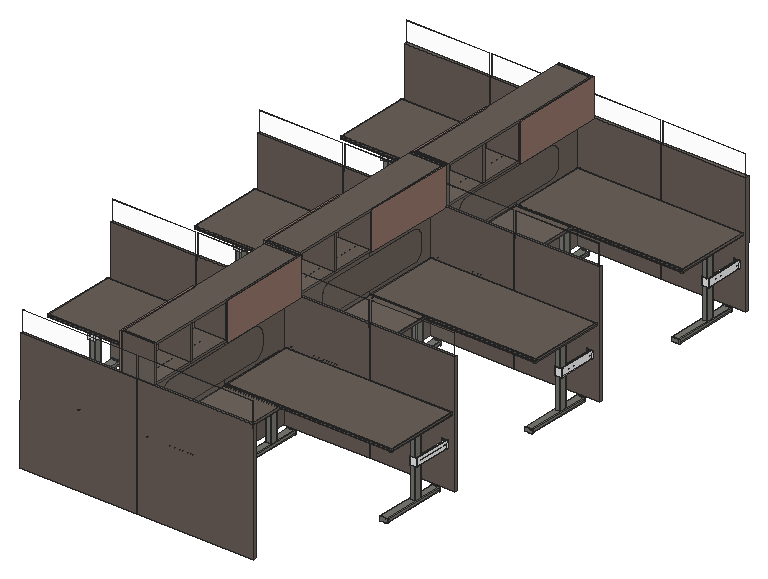
Revit family "OFS TYPICAL T200051", category Furniture, Revit 2018 (continued)
Definition of nested family "STAKS WORKSURFACE HEIGHT PEDESTAL - BOX-BOX-FILE - NO RISER SUPPORT"
  Forms (in)
    Extrusion 6, solid, material <- "Drawer Handle Material"
      sketch origin (9, 0, 20.67137) x (1, 0, 0) y (0, 1, 0)
        loop
          line (9.25836, 0.62535) -> (9.25836, -0.37465) -> (14.69586, -0.37465) -> (14.69586, 0.62535) -> (14.32086, 0.62535) -> (14.32086, -0.18715) -> (9.63336, -0.18715) -> (9.63336, 0.62535) -> (9.25836, 0.62535)
      from -0.64037 to -0.17137
    Extrusion 7, solid, material <- "Chasis Material"
      sketch origin (0, 0, 0) x (1, 0, 0) y (0, 1, 0)
        loop
          line (28.78961, 20.00035) -> (28.03961, 20.00035) -> (28.03961, 1.37535) -> (28.78961, 1.37535) -> (28.78961, 20.00035)
      from 0 to 27.875
    Extrusion 8, solid, material <- "Drawer Material"
      sketch origin (20.35211, 2.25, 0.06985) x (0, 1, 0) y (0, 0, 1)
        loop
          line (-1.62465, 27.80515) -> (-1.62465, 20.80515) -> (-0.87465, 20.80515) -> (-0.87465, 27.80515) -> (-1.62465, 27.80515)
      from -7.125 to 8.3745
    Extrusion 9, solid, material <- "Drawer Handle Material"
      sketch origin (9, 0, 28.42137) x (1, 0, 0) y (0, 1, 0)
        loop
          line (9.25836, 0.62535) -> (9.25836, -0.37465) -> (14.69586, -0.37465) -> (14.69586, 0.62535) -> (14.32086, 0.62535) -> (14.32086, -0.18715) -> (9.63336, -0.18715) -> (9.63336, 0.62535) -> (9.25836, 0.62535)
      from -1.26512 to -0.79637
    Extrusion 10, solid, material <- "Chasis Material"
      sketch origin (-29.79592, -1.62465, 7.24693) x (1, 0, 0) y (0, 0, 1)
        loop
          line (43.71054, 19.90932) -> (57.83554, 19.90932) -> (57.83554, 20.62807) -> (43.71054, 20.62807) -> (43.71054, 19.90932)
      from -18.375 to -14.375
    Extrusion 11, solid, material <- "Chasis Material"
      sketch origin (-29.79592, -7.12465, 7.24693) x (1, 0, 0) y (0, 0, 1)
        loop
          line (43.71054, 19.90932) -> (57.83554, 19.90932) -> (57.83554, 20.62807) -> (43.71054, 20.62807) -> (43.71054, 19.90932)
      from -15.5 to -11.5
    Extrusion 12, solid, material <- "Chasis Material"
      sketch origin (-31.5409, -1.62465, -42.72261) x (1, 0, 0) y (0, 0, 1)
        loop
          line (45.45551, 42.72261) -> (59.58051, 42.72261) -> (59.58051, 43.47261) -> (45.45551, 43.47261) -> (45.45551, 42.72261)
      from -20.875 to -3
    Extrusion 13, solid
      sketch origin (0, 0, 0) x (1, 0, 0) y (0, 1, 0)
        loop
          line (28.72661, 20.00035) -> (28.03961, 20.00035) -> (28.03961, 13.37535) -> (13.91461, 13.37535) -> (13.91461, 20.00035) -> (13.22711, 20.00035) -> (13.22711, 0.62535) -> (13.91461, 0.62535) -> (13.91461, 4.37535) -> (28.03961, 4.37535) -> (28.03961, 0.62535) -> (28.72661, 0.62535) -> (28.72661, 20.00035)
        loop
          line (28.03961, 5.00035) -> (28.03961, 12.75035) -> (13.91461, 12.75035) -> (13.91461, 5.00035) -> (28.03961, 5.00035)
      from 27.875 to 28
  Dimensions and locks (in)
    "Board Thickness": plane 13 to plane 12
    locked: plane 11 to plane 14 at 0.0625
    "Board Thickness": plane 11 to plane 16
    locked: plane 15 to plane 18 at 0.063
    "Width": plane 11 to plane 18
    Extrusion 7 sketch curve to plane 18 = 3/4"
    "Board Thickness": plane 19 to plane 18
    equal spacing: plane 11, plane 2 "Right", plane 18
    locked: plane 20 to plane 21 at 0.375
    locked: plane 23 to plane 22 at 0.375
    equal spacing: plane 20, plane 2 "Right", plane 22
    "Drawer Handle Width": plane 20 to plane 22
    plane 25 to plane 24 to plane 13 = 3/16" locked, 13/16" locked
    "Riser Support": plane 6 to level
    "Height": plane 3 to plane 6
    "DH1": plane 4 to plane 6
    "DH2": plane 26 to plane 4
    locked: plane 30 to plane 6 at 0.25
    "Board Thickness": plane 31 to plane 17
    "Depth": plane 13 to plane 17
    plane 4 to plane 5 to plane 7 to plane 9 = 1/8" locked, 1/4" locked, 0.469" locked
    plane 26 to plane 27 to plane 28 to plane 29 = 1/8" locked, 1/4" locked, 0.469" locked
    plane 3 to plane 8 to plane 10 = 1/4" locked, 15/32" locked
    "Board Thickness": plane 32 to plane 6
    plane 12 to plane 34 to plane 35 = 3" locked, 4" locked
    plane 36 to plane 33 to plane 31 = 4" locked, 2 1/2" locked
    locked: plane 34 to plane 37 at 0.625
    locked: plane 36 to plane 38 at 0.625
    locked: plane 39 to plane 3 at 0.125
    aligned and locked: level to plane 1
    aligned and locked: Extrusion 1 to plane 14
    aligned and locked: plane 15 to Extrusion 1
    aligned and locked: Extrusion 2 to plane 12
    aligned and locked: plane 13 to Extrusion 2
    aligned and locked: plane 15 to Extrusion 2
    aligned and locked: Extrusion 2 to plane 14
    aligned and locked: plane 12 to Extrusion 3
    aligned and locked: Extrusion 3 to plane 17
    aligned and locked: Extrusion 4 to plane 16
    aligned and locked: plane 16 to Extrusion 3
    aligned and locked: Extrusion 3 to plane 11
    aligned and locked: Extrusion 4 to plane 17
    aligned and locked: Extrusion 1 sketch curve to plane 12
    aligned and locked: plane 13 to Extrusion 1 sketch curve
    aligned and locked: plane 19 to Extrusion 4
    aligned and locked: plane 3 to Extrusion 3
    aligned and locked: Extrusion 6 to plane 22
    aligned and locked: Extrusion 5 to plane 22
    aligned and locked: plane 23 to Extrusion 6
    aligned and locked: plane 23 to Extrusion 5
    aligned and locked: plane 21 to Extrusion 6
    aligned and locked: plane 21 to Extrusion 5
    aligned and locked: Extrusion 6 to plane 20
    aligned and locked: Extrusion 5 to plane 20
    aligned and locked: plane 24 to Extrusion 6
    aligned and locked: plane 7 to Extrusion 5
    aligned and locked: Extrusion 5 to plane 9
    aligned and locked: plane 3 to Extrusion 4
    aligned and locked: plane 27 to Extrusion 2
    aligned and locked: Extrusion 6 to plane 29
    aligned and locked: plane 28 to Extrusion 6
    aligned and locked: Extrusion 1 to plane 30
    aligned and locked: Extrusion 8 to plane 26
    aligned and locked: plane 3 to Extrusion 8
    aligned and locked: Extrusion 9 to plane 10
    aligned and locked: plane 8 to Extrusion 9
    aligned and locked: Extrusion 7 to plane 19
    aligned and locked: Extrusion 8 to plane 14
    aligned and locked: plane 15 to Extrusion 8
    aligned and locked: plane 3 to Extrusion 7
    aligned and locked: Extrusion 7 to plane 6
    aligned and locked: plane 3 to Extrusion 10
    aligned and locked: Extrusion 10 to plane 10
    aligned and locked: plane 19 to Extrusion 10
    aligned and locked: Extrusion 10 to plane 16
    aligned and locked: Extrusion 10 to plane 33
    aligned and locked: plane 36 to Extrusion 10
    aligned and locked: plane 34 to Extrusion 11
    aligned and locked: Extrusion 11 to plane 35
    aligned and locked: plane 3 to Extrusion 11
    aligned and locked: Extrusion 11 to plane 10
    aligned and locked: plane 32 to Extrusion 12
    aligned and locked: Extrusion 12 to plane 6
    aligned and locked: Extrusion 12 to plane 31
    aligned and locked: plane 12 to Extrusion 12
    aligned and locked: plane 19 to Extrusion 12
    aligned and locked: Extrusion 12 to plane 16
    aligned and locked: Extrusion 13 to plane 3
    aligned and locked: plane 39 to Extrusion 13
  Automatic sketch dimensions
    Extrusion 1 sketch curve to plane 30 = 0"
    Extrusion 1 sketch curve to plane 5 = 0"
    Extrusion 2 sketch curve to plane 13 = 0"
    Extrusion 2 sketch curve to plane 4 = 0"
    Extrusion 2 sketch curve to plane 12 = 0"
    Extrusion 2 sketch curve to plane 27 = 0"
    Extrusion 3 sketch curve to plane 6 = 0"
    Extrusion 3 sketch curve to plane 11 = 0"
    Extrusion 3 sketch curve to plane 3 = 0"
    Extrusion 3 sketch curve to plane 16 = 0"
    Extrusion 4 sketch curve to plane 6 = 0"
    Extrusion 4 sketch curve to plane 3 = 0"
    Extrusion 4 sketch curve to plane 17 = 0"
    plane 31 to Extrusion 4 sketch curve = 0"
    plane 13 to Extrusion 5 sketch curve = 0"  (x2)
    Extrusion 5 sketch curve to plane 20 = 0"
    Extrusion 5 sketch curve to plane 21 = 0"
    Extrusion 5 sketch curve to plane 23 = 0"
    Extrusion 5 sketch curve to plane 22 = 0"
    plane 25 to Extrusion 5 sketch curve = 0"
    plane 24 to Extrusion 5 sketch curve = 0"
    plane 13 to Extrusion 6 sketch curve = 0"  (x2)
    Extrusion 6 sketch curve to plane 20 = 0"
    Extrusion 6 sketch curve to plane 21 = 0"
    Extrusion 6 sketch curve to plane 23 = 0"
    Extrusion 6 sketch curve to plane 22 = 0"
    plane 25 to Extrusion 6 sketch curve = 0"
    plane 24 to Extrusion 6 sketch curve = 0"
    plane 12 to Extrusion 7 sketch curve = 0"
    Extrusion 7 sketch curve to plane 18 = 0"
    plane 17 to Extrusion 7 sketch curve = 0"
    Extrusion 8 sketch curve to plane 3 = 0"
    Extrusion 8 sketch curve to plane 13 = 0"
    Extrusion 8 sketch curve to plane 12 = 0"
    Extrusion 8 sketch curve to plane 26 = 0"
    plane 13 to Extrusion 9 sketch curve = 0"  (x2)
    Extrusion 9 sketch curve to plane 20 = 0"
    Extrusion 9 sketch curve to plane 21 = 0"
    Extrusion 9 sketch curve to plane 23 = 0"
    Extrusion 9 sketch curve to plane 22 = 0"
    plane 25 to Extrusion 9 sketch curve = 0"
    plane 24 to Extrusion 9 sketch curve = 0"
    Extrusion 10 sketch curve to plane 10 = 0"
    Extrusion 10 sketch curve to plane 16 = 0"
    Extrusion 10 sketch curve to plane 3 = 0"
    Extrusion 10 sketch curve to plane 19 = 0"
    Extrusion 11 sketch curve to plane 10 = 0"
    Extrusion 11 sketch curve to plane 16 = 0"
    Extrusion 11 sketch curve to plane 3 = 0"
    Extrusion 11 sketch curve to plane 19 = 0"
    plane 14 to Extrusion 12 sketch curve = 11/16"
    Extrusion 12 sketch curve to plane 6 = 0"
    plane 6 to Extrusion 12 sketch curve = 3/4"
    Extrusion 12 sketch curve to plane 19 = 0"
    Extrusion 13 sketch curve to plane 14 = 0"
    Extrusion 13 sketch curve to plane 19 = 0"  (x2)
    Extrusion 13 sketch curve to plane 15 = 0"
    plane 13 to Extrusion 13 sketch curve = 0"  (x2)
    Extrusion 13 sketch curve to plane 34 = 0"
    Extrusion 13 sketch curve to plane 37 = 0"
    Extrusion 13 sketch curve to plane 38 = 0"
    Extrusion 13 sketch curve to plane 36 = 0"
    Extrusion 13 sketch curve to Extrusion 13 sketch curve = 0"  (x2)
    Extrusion 13 sketch curve to plane 16 = 0"  (x2)
    plane 17 to Extrusion 13 sketch curve = 0"  (x2)
Definition of nested family "STAKS SPINE OR DIVIDER WALL 48in"
  Parameters (values of type "STAKS SPINE OR DIVIDER WALL 48in X 24in")
    URL = "http://www.ofs.com/"
    Height Above Floor [instance] = 48"
    Height = 48"
    Depth = 1"
    Model = "6-PAN-48/24"
    Manufacturer = "OFS"
    Description = "OFS STAKS SPINE OR DIVIDER WALL 48\" Height x 24\" Width, Levelers allow 2.5\" Height Adjustability for Uneven Floor"
    Width = 24"
    Copyright © = "© 2018 OFS"
    Catalog = "https://ofs.com/products/casegoods/private-office/staks"
    Authoring Version = "Autodesk Revit Architecture 2013"
    Assembly Code = "E2020200"
  Types (19): name | Model | Description | Width
    STAKS SPINE OR DIVIDER WALL 48in X 24in | "6-PAN-48/24" | "OFS STAKS SPINE OR DIVIDER WALL 48\" Height x 24\" Width, Levelers allow 2.5\" Height Adjustability for Uneven Floor" | 24"
    STAKS SPINE OR DIVIDER WALL 48in X 33in | "6-PAN-48/33" | "OFS STAKS SPINE OR DIVIDER WALL 48\" Height x 33\" Width, Levelers allow 2.5\" Height Adjustability for Uneven Floor" | 33"
    STAKS SPINE OR DIVIDER WALL 48in X 26in | "6-PAN-48/26" | "OFS STAKS SPINE OR DIVIDER WALL 48\" Height x 26\" Width, Levelers allow 2.5\" Height Adjustability for Uneven Floor" | 26"
    STAKS SPINE OR DIVIDER WALL 48in X 30in | "6-PAN-48/30" | "OFS STAKS SPINE OR DIVIDER WALL 48\" Height x 30\" Width, Levelers allow 2.5\" Height Adjustability for Uneven Floor" | 30"
    STAKS SPINE OR DIVIDER WALL 48in X 36in | "6-PAN-48/36" | "OFS STAKS SPINE OR DIVIDER WALL 48\" Height x 36\" Width, Levelers allow 2.5\" Height Adjustability for Uneven Floor" | 36"
    STAKS SPINE OR DIVIDER WALL 48in X 37in | "6-PAN-48/37" | "OFS STAKS SPINE OR DIVIDER WALL 48\" Height x 37\" Width, Levelers allow 2.5\" Height Adjustability for Uneven Floor" | 37"
    STAKS SPINE OR DIVIDER WALL 48in X 39in | "6-PAN-48/39" | "OFS STAKS SPINE OR DIVIDER WALL 48\" Height x 39\" Width, Levelers allow 2.5\" Height Adjustability for Uneven Floor" | 39"
    STAKS SPINE OR DIVIDER WALL 48in X 40in | "6-PAN-48/40" | "OFS STAKS SPINE OR DIVIDER WALL 48\" Height x 40\" Width, Levelers allow 2.5\" Height Adjustability for Uneven Floor" | 40"
    STAKS SPINE OR DIVIDER WALL 48in X 42in | "6-PAN-48/42" | "OFS STAKS SPINE OR DIVIDER WALL 48\" Height x 42\" Width, Levelers allow 2.5\" Height Adjustability for Uneven Floor" | 42"
    STAKS SPINE OR DIVIDER WALL 48in X 44in | "6-PAN-48/44" | "OFS STAKS SPINE OR DIVIDER WALL 48\" Height x 44\" Width, Levelers allow 2.5\" Height Adjustability for Uneven Floor" | 44"
    STAKS SPINE OR DIVIDER WALL 48in X 45in | "6-PAN-48/45" | "OFS STAKS SPINE OR DIVIDER WALL 48\" Height x 45\" Width, Levelers allow 2.5\" Height Adjustability for Uneven Floor" | 45"
    STAKS SPINE OR DIVIDER WALL 48in X 47in | "6-PAN-48/47" | "OFS STAKS SPINE OR DIVIDER WALL 48\" Height x 47\" Width, Levelers allow 2.5\" Height Adjustability for Uneven Floor" | 47"
    STAKS SPINE OR DIVIDER WALL 48in X 48in | "6-PAN-48/48" | "OFS STAKS SPINE OR DIVIDER WALL 48\" Height x 48\" Width, Levelers allow 2.5\" Height Adjustability for Uneven Floor" | 48"
    STAKS SPINE OR DIVIDER WALL 48in X 49in | "6-PAN-48/49" | "OFS STAKS SPINE OR DIVIDER WALL 48\" Height x 49\" Width, Levelers allow 2.5\" Height Adjustability for Uneven Floor" | 49"
    STAKS SPINE OR DIVIDER WALL 48in X 52in | "6-PAN-48/52" | "OFS STAKS SPINE OR DIVIDER WALL 48\" Height x 52\" Width, Levelers allow 2.5\" Height Adjustability for Uneven Floor" | 52"
    STAKS SPINE OR DIVIDER WALL 48in X 54in | "6-PAN-48/54" | "OFS STAKS SPINE OR DIVIDER WALL 48\" Height x 54\" Width, Levelers allow 2.5\" Height Adjustability for Uneven Floor" | 54"
    STAKS SPINE OR DIVIDER WALL 48in X 56in | "6-PAN-48/56" | "OFS STAKS SPINE OR DIVIDER WALL 48\" Height x 56\" Width, Levelers allow 2.5\" Height Adjustability for Uneven Floor" | 56"
    STAKS SPINE OR DIVIDER WALL 48in X 58in | "6-PAN-48/58" | "OFS STAKS SPINE OR DIVIDER WALL 48\" Height x 58\" Width, Levelers allow 2.5\" Height Adjustability for Uneven Floor" | 58"
    STAKS SPINE OR DIVIDER WALL 48in X 59in | "6-PAN-48/59" | "OFS STAKS SPINE OR DIVIDER WALL 48\" Height x 59\" Width, Levelers allow 2.5\" Height Adjustability for Uneven Floor" | 59"
  Reference planes (in)
    plane 1: z = -0.125
    plane 2 "LEFT": x = 7.55498
    plane 3 "RIGHT": x = 31.55498
    plane 4 "BACK": y = -1.83365
    plane 5 "FRONT": y = -2.83365
    plane 6: x = 7.67998
    plane 7: x = 31.42998
    plane 8: y = -1.95865
    plane 9: y = -2.70865
    plane 10: z = -0.125
    plane 11 "SURFACE TOP": z = 47.875
  Forms (in)
    Extrusion 1, solid
      sketch origin (0, 0, 17.125) x (-1, 0, 0) y (0, -1, 0)
        loop
          line (-7.55498, 1.83365) -> (-7.55498, 2.83365) -> (-31.55498, 2.83365) -> (-31.55498, 1.83365) -> (-7.55498, 1.83365)
      from 30.75 to -17.25
  Lines and regions (in)
    symbolic lines
      curve 1: line (7.55498, -1.83365, 47.875) -> (31.55498, -1.83365, 47.875)
      curve 2: line (7.55498, -2.83365, 47.875) -> (7.55498, -1.83365, 47.875)
      curve 3: line (31.55498, -2.83365, 47.875) -> (7.55498, -2.83365, 47.875)
      curve 4: line (31.55498, -1.83365, 47.875) -> (31.55498, -2.83365, 47.875)
  Dimensions and locks (in)
    "Depth": plane 4 "BACK" to plane 5 "FRONT"
    "Width": plane 2 "LEFT" to plane 3 "RIGHT"
    "Height": plane 11 "SURFACE TOP" to plane 10
    locked: plane 4 "BACK" to plane 8 at 0.125
    locked: plane 2 "LEFT" to plane 6 at 0.125
    locked: plane 7 to plane 3 "RIGHT" at 0.125
    locked: plane 9 to plane 5 "FRONT" at 0.125
    "Height Above Floor": plane 11 "SURFACE TOP" to level
    aligned: level to plane 1
    aligned and locked: plane 11 "SURFACE TOP" to Extrusion 1
    aligned and locked: Extrusion 1 to plane 10
    aligned and locked: plane 4 "BACK" to Extrusion 1 sketch curve
    aligned and locked: Extrusion 1 sketch curve to plane 2 "LEFT"
    aligned and locked: Extrusion 1 sketch curve to plane 5 "FRONT"
    aligned and locked: plane 3 "RIGHT" to Extrusion 1 sketch curve
    aligned and locked: curve 1 to Extrusion 1
    aligned and locked: curve 2 to Extrusion 1
    aligned and locked: curve 3 to Extrusion 1
    aligned and locked: curve 4 to Extrusion 1
Definition of nested family "STAKS FROSTED ACRYLIC PRIVACY PANEL"
  Parameters (values of type "STAKS FROSTED ACRYLIC PRIVACY PANEL 33 x 10")
    Width = 33"
    URL = "http://www.ofs.com/"
    Model = "6-PVPA-33/10"
    Manufacturer = "OFS"
    Height From Floor = 56"
    Height = 10"
    Description = "OFS STAKS FROSTED ACRYLIC PRIVACY PANEL 33 x 10, Recessed 1.5\" Inside Wall Panel"
    Depth = 1/4"
    Copyright © = "© 2018 OFS"
    Catalog = "https://ofs.com/products/casegoods/private-office/staks"
    Shelf Material = none
    Authoring Version = "Autodesk Revit Architecture 2013"
    Assembly Code = "E2020200"
  Types (39): name | Width | Model | Height From Floor | Height | Description
    STAKS FROSTED ACRYLIC PRIVACY PANEL 23 x 10 | 23" | "6-PVPA-23/10" | 56" | 10" | "OFS STAKS FROSTED ACRYLIC PRIVACY PANEL 23 x 10, Recessed 1.5\" Inside Wall Panel"
    STAKS FROSTED ACRYLIC PRIVACY PANEL 25 x 10 | 25" | "6-PVPA-25/10" | 56" | 10" | "OFS STAKS FROSTED ACRYLIC PRIVACY PANEL 25 x 10, Recessed 1.5\" Inside Wall Panel"
    STAKS FROSTED ACRYLIC PRIVACY PANEL 29 x 10 | 29" | "6-PVPA-29/10" | 56" | 10" | "OFS STAKS FROSTED ACRYLIC PRIVACY PANEL 29 x 10, Recessed 1.5\" Inside Wall Panel"
    STAKS FROSTED ACRYLIC PRIVACY PANEL 32 x 10 | 32" | "6-PVPA-32/10" | 56" | 10" | "OFS STAKS FROSTED ACRYLIC PRIVACY PANEL 32 x 10, Recessed 1.5\" Inside Wall Panel"
    STAKS FROSTED ACRYLIC PRIVACY PANEL 35 x 10 | 35" | "6-PVPA-35/10" | 56" | 10" | "OFS STAKS FROSTED ACRYLIC PRIVACY PANEL 35 x 10, Recessed 1.5\" Inside Wall Panel"
    STAKS FROSTED ACRYLIC PRIVACY PANEL 36 x 10 | 36" | "6-PVPA-36/10" | 56" | 10" | "OFS STAKS FROSTED ACRYLIC PRIVACY PANEL 36 x 10, Recessed 1.5\" Inside Wall Panel"
    STAKS FROSTED ACRYLIC PRIVACY PANEL 38 x 10 | 38" | "6-PVPA-38/10" | 56" | 10" | "OFS STAKS FROSTED ACRYLIC PRIVACY PANEL 38 x 10, Recessed 1.5\" Inside Wall Panel"
    STAKS FROSTED ACRYLIC PRIVACY PANEL 39 x 10 | 39" | "6-PVPA-39/10" | 56" | 10" | "OFS STAKS FROSTED ACRYLIC PRIVACY PANEL 39 x 10, Recessed 1.5\" Inside Wall Panel"
    STAKS FROSTED ACRYLIC PRIVACY PANEL 41 x 10 | 41" | "6-PVPA-41/10" | 56" | 10" | "OFS STAKS FROSTED ACRYLIC PRIVACY PANEL 41 x 10, Recessed 1.5\" Inside Wall Panel"
    STAKS FROSTED ACRYLIC PRIVACY PANEL 43 x 10 | 43" | "6-PVPA-43/10" | 56" | 10" | "OFS STAKS FROSTED ACRYLIC PRIVACY PANEL 43 x 10, Recessed 1.5\" Inside Wall Panel"
    STAKS FROSTED ACRYLIC PRIVACY PANEL 44 x 10 | 44" | "6-PVPA-44/10" | 56" | 10" | "OFS STAKS FROSTED ACRYLIC PRIVACY PANEL 44 x 10, Recessed 1.5\" Inside Wall Panel"
    STAKS FROSTED ACRYLIC PRIVACY PANEL 46 x 10 | 46" | "6-PVPA-46/10" | 56" | 10" | "OFS STAKS FROSTED ACRYLIC PRIVACY PANEL 46 x 10, Recessed 1.5\" Inside Wall Panel"
    STAKS FROSTED ACRYLIC PRIVACY PANEL 47 x 10 | 47" | "6-PVPA-47/10" | 56" | 10" | "OFS STAKS FROSTED ACRYLIC PRIVACY PANEL 47 x 10, Recessed 1.5\" Inside Wall Panel"
    STAKS FROSTED ACRYLIC PRIVACY PANEL 48 x 10 | 48" | "6-PVPA-48/10" | 56" | 10" | "OFS STAKS FROSTED ACRYLIC PRIVACY PANEL 48 x 10, Recessed 1.5\" Inside Wall Panel"
    STAKS FROSTED ACRYLIC PRIVACY PANEL 51 x 10 | 51" | "6-PVPA-51/10" | 56" | 10" | "OFS STAKS FROSTED ACRYLIC PRIVACY PANEL 51 x 10, Recessed 1.5\" Inside Wall Panel"
    STAKS FROSTED ACRYLIC PRIVACY PANEL 53 x 10 | 53" | "6-PVPA-53/10" | 56" | 10" | "OFS STAKS FROSTED ACRYLIC PRIVACY PANEL 53 x 10, Recessed 1.5\" Inside Wall Panel"
    STAKS FROSTED ACRYLIC PRIVACY PANEL 55 x 10 | 55" | "6-PVPA-55/10" | 56" | 10" | "OFS STAKS FROSTED ACRYLIC PRIVACY PANEL 55 x 10, Recessed 1.5\" Inside Wall Panel"
    STAKS FROSTED ACRYLIC PRIVACY PANEL 57 x 10 | 57" | "6-PVPA-57/10" | 56" | 10" | "OFS STAKS FROSTED ACRYLIC PRIVACY PANEL 57 x 10, Recessed 1.5\" Inside Wall Panel"
    STAKS FROSTED ACRYLIC PRIVACY PANEL 58 x 10 | 58" | "6-PVPA-58/10" | 56" | 10" | "OFS STAKS FROSTED ACRYLIC PRIVACY PANEL 58 x 10, Recessed 1.5\" Inside Wall Panel"
    STAKS FROSTED ACRYLIC PRIVACY PANEL 23 x 13 | 23" | "6-PVPA-23/13" | 59" | 13" | "OFS STAKS FROSTED ACRYLIC PRIVACY PANEL 23 x 13, Recessed 1.5\" Inside Wall Panel"
    STAKS FROSTED ACRYLIC PRIVACY PANEL 25 x 13 | 25" | "6-PVPA-25/13" | 59" | 13" | "OFS STAKS FROSTED ACRYLIC PRIVACY PANEL 25 x 13, Recessed 1.5\" Inside Wall Panel"
    STAKS FROSTED ACRYLIC PRIVACY PANEL 29 x 13 | 29" | "6-PVPA-29/13" | 59" | 13" | "OFS STAKS FROSTED ACRYLIC PRIVACY PANEL 29 x 13, Recessed 1.5\" Inside Wall Panel"
    STAKS FROSTED ACRYLIC PRIVACY PANEL 32 x 13 | 32" | "6-PVPA-32/13" | 59" | 13" | "OFS STAKS FROSTED ACRYLIC PRIVACY PANEL 32 x 13, Recessed 1.5\" Inside Wall Panel"
    STAKS FROSTED ACRYLIC PRIVACY PANEL 35 x 13 | 35" | "6-PVPA-35/13" | 59" | 13" | "OFS STAKS FROSTED ACRYLIC PRIVACY PANEL 35 x 13, Recessed 1.5\" Inside Wall Panel"
    STAKS FROSTED ACRYLIC PRIVACY PANEL 36 x 13 | 36" | "6-PVPA-36/13" | 59" | 13" | "OFS STAKS FROSTED ACRYLIC PRIVACY PANEL 36 x 13, Recessed 1.5\" Inside Wall Panel"
    STAKS FROSTED ACRYLIC PRIVACY PANEL 38 x 13 | 38" | "6-PVPA-38/13" | 59" | 13" | "OFS STAKS FROSTED ACRYLIC PRIVACY PANEL 38 x 13, Recessed 1.5\" Inside Wall Panel"
    STAKS FROSTED ACRYLIC PRIVACY PANEL 39 x 13 | 39" | "6-PVPA-39/13" | 59" | 13" | "OFS STAKS FROSTED ACRYLIC PRIVACY PANEL 39 x 13, Recessed 1.5\" Inside Wall Panel"
    STAKS FROSTED ACRYLIC PRIVACY PANEL 41 x 13 | 41" | "6-PVPA-41/13" | 59" | 13" | "OFS STAKS FROSTED ACRYLIC PRIVACY PANEL 41 x 13, Recessed 1.5\" Inside Wall Panel"
    STAKS FROSTED ACRYLIC PRIVACY PANEL 43 x 13 | 43" | "6-PVPA-43/13" | 59" | 13" | "OFS STAKS FROSTED ACRYLIC PRIVACY PANEL 43 x 13, Recessed 1.5\" Inside Wall Panel"
    STAKS FROSTED ACRYLIC PRIVACY PANEL 44 x 13 | 44" | "6-PVPA-44/13" | 59" | 13" | "OFS STAKS FROSTED ACRYLIC PRIVACY PANEL 44 x 13, Recessed 1.5\" Inside Wall Panel"
    STAKS FROSTED ACRYLIC PRIVACY PANEL 46 x 13 | 46" | "6-PVPA-46/13" | 59" | 13" | "OFS STAKS FROSTED ACRYLIC PRIVACY PANEL 46 x 13, Recessed 1.5\" Inside Wall Panel"
    STAKS FROSTED ACRYLIC PRIVACY PANEL 47 x 13 | 47" | "6-PVPA-47/13" | 59" | 13" | "OFS STAKS FROSTED ACRYLIC PRIVACY PANEL 47 x 13, Recessed 1.5\" Inside Wall Panel"
    STAKS FROSTED ACRYLIC PRIVACY PANEL 48 x 13 | 48" | "6-PVPA-48/13" | 59" | 13" | "OFS STAKS FROSTED ACRYLIC PRIVACY PANEL 48 x 13, Recessed 1.5\" Inside Wall Panel"
    STAKS FROSTED ACRYLIC PRIVACY PANEL 51 x 13 | 51" | "6-PVPA-51/13" | 59" | 13" | "OFS STAKS FROSTED ACRYLIC PRIVACY PANEL 51 x 13, Recessed 1.5\" Inside Wall Panel"
    STAKS FROSTED ACRYLIC PRIVACY PANEL 53 x 13 | 53" | "6-PVPA-53/13" | 59" | 13" | "OFS STAKS FROSTED ACRYLIC PRIVACY PANEL 53 x 13, Recessed 1.5\" Inside Wall Panel"
    STAKS FROSTED ACRYLIC PRIVACY PANEL 55 x 13 | 55" | "6-PVPA-55/13" | 59" | 13" | "OFS STAKS FROSTED ACRYLIC PRIVACY PANEL 55 x 13, Recessed 1.5\" Inside Wall Panel"
    STAKS FROSTED ACRYLIC PRIVACY PANEL 57 x 13 | 57" | "6-PVPA-57/13" | 59" | 13" | "OFS STAKS FROSTED ACRYLIC PRIVACY PANEL 57 x 13, Recessed 1.5\" Inside Wall Panel"
    STAKS FROSTED ACRYLIC PRIVACY PANEL 58 x 13 | 58" | "6-PVPA-58/13" | 59" | 13" | "OFS STAKS FROSTED ACRYLIC PRIVACY PANEL 58 x 13, Recessed 1.5\" Inside Wall Panel"
    STAKS FROSTED ACRYLIC PRIVACY PANEL 33 x 10 | 33" | "6-PVPA-33/10" | 56" | 10" | "OFS STAKS FROSTED ACRYLIC PRIVACY PANEL 33 x 10, Recessed 1.5\" Inside Wall Panel"
  Reference planes (in)
    plane 1: z = 0
    plane 2 "Center (Front/Back)": y = 2.75035
    plane 3 "LEFT": x = -33
    plane 4 "BASE TOP": z = 56
    plane 5 "RIGHT": x = 0
    plane 6: z = 46
    plane 7: y = 2.87535
    plane 8 "CENTER": x = -16.5
    plane 9: y = 2.62535
  Forms (in)
    Extrusion 1, solid, material <- "Shelf Material"
      sketch origin (0, 2.75035, 0) x (1, 0, 0) y (0, 0, 1)
        loop
          line (-33, 56) -> (-33, 46) -> (0, 46) -> (0, 56) -> (-33, 56)
      from -0.125 to 0.125
  Dimensions and locks (in)
    "Height From Floor": plane 4 "BASE TOP" to plane 1
    "Height": plane 4 "BASE TOP" to plane 6
    equal spacing: plane 3 "LEFT", plane 8 "CENTER", plane 5 "RIGHT"
    equal spacing: plane 9, plane 2 "Center (Front/Back)", plane 7
    "Width": plane 3 "LEFT" to plane 5 "RIGHT"
    "Depth": plane 9 to plane 7
    aligned and locked: level to plane 1
    aligned and locked: Extrusion 1 sketch curve to plane 4 "BASE TOP"
    aligned and locked: plane 3 "LEFT" to Extrusion 1 sketch curve
    aligned and locked: Extrusion 1 sketch curve to plane 6
    aligned and locked: Extrusion 1 sketch curve to plane 5 "RIGHT"
    aligned and locked: Extrusion 1 to plane 7
    aligned and locked: plane 9 to Extrusion 1
Definition of nested family "STAKS FABRIC TACKBOARD WITH ROUNDED CORNERS FOR SPINE OR DIVIDER WALL"
  Parameters (values of type "STAKS FABRIC TACKBOARD WITH ROUNDED CORNERS FOR SPINE OR DIVIDER WALL 12H x 49-73.9375W")
    URL = "http://www.ofs.com/"
    Height Above Floor [instance] = 41 1/2"
    Height = 12"
    Fabric = none
    Depth = 1/2"
    Model = "FTR10E"
    Manufacturer = "OFS"
    Description = "OFS STAKS FABRIC TACKBOARD WITH ROUNDED CORNERS FOR SPINE OR DIVIDER WALL 12\" Height X 49\" - 73.9375\" Width, Any Width in 1/8\" Increments available within Ranges Shown"
    Width = 49"
    Copyright © = "© 2018 OFS"
    Catalog = "https://ofs.com/products/casegoods/private-office/staks"
    Authoring Version = "Autodesk Revit Architecture 2013"
    Assembly Code = "E2020200"
  Types (6): name | Height Above Floor | Height | Model | Description | Width
    STAKS FABRIC TACKBOARD WITH ROUNDED CORNERS FOR SPINE OR DIVIDER WALL 12H x 27-48.9375W | 41 1/2" | 12" | "FTR10D" | "OFS STAKS FABRIC TACKBOARD WITH ROUNDED CORNERS FOR SPINE OR DIVIDER WALL 12\" Height X 27\" - 48.9375\" Width, Any Width in 1/8\" Increments available within Ranges Shown" | 27"
    STAKS FABRIC TACKBOARD WITH ROUNDED CORNERS FOR SPINE OR DIVIDER WALL 12H x 74-96W | 41 1/2" | 12" | "FTR10F" | "OFS STAKS FABRIC TACKBOARD WITH ROUNDED CORNERS FOR SPINE OR DIVIDER WALL 12\" Height X 74\" - 96\" Width, Any Width in 1/8\" Increments available within Ranges Shown" | 74"
    STAKS FABRIC TACKBOARD WITH ROUNDED CORNERS FOR SPINE OR DIVIDER WALL 12H x 49-73.9375W | 41 1/2" | 12" | "FTR10E" | "OFS STAKS FABRIC TACKBOARD WITH ROUNDED CORNERS FOR SPINE OR DIVIDER WALL 12\" Height X 49\" - 73.9375\" Width, Any Width in 1/8\" Increments available within Ranges Shown" | 49"
    STAKS FABRIC TACKBOARD WITH ROUNDED CORNERS FOR SPINE OR DIVIDER WALL 18H x 27-48.9375W | 47 1/2" | 18" | "FTR10A" | "OFS STAKS FABRIC TACKBOARD WITH ROUNDED CORNERS FOR SPINE OR DIVIDER WALL 18\" Height X 27\" - 48.9375\" Width, Any Width in 1/8\" Increments available within Ranges Shown" | 27"
    STAKS FABRIC TACKBOARD WITH ROUNDED CORNERS FOR SPINE OR DIVIDER WALL 18H x 49-73.9375W | 47 1/2" | 18" | "FTR10B" | "OFS STAKS FABRIC TACKBOARD WITH ROUNDED CORNERS FOR SPINE OR DIVIDER WALL 18\" Height X 49\" - 73.9375\" Width, Any Width in 1/8\" Increments available within Ranges Shown" | 49"
    STAKS FABRIC TACKBOARD WITH ROUNDED CORNERS FOR SPINE OR DIVIDER WALL 18H x 74-96W | 47 1/2" | 18" | "FTR10C" | "OFS STAKS FABRIC TACKBOARD WITH ROUNDED CORNERS FOR SPINE OR DIVIDER WALL 18\" Height X 74\" - 96\" Width, Any Width in 1/8\" Increments available within Ranges Shown" | 74"
  Reference planes (in)
    plane 1: z = -0.125
    plane 2 "LEFT": x = 7.55498
    plane 3 "RIGHT": x = 56.55498
    plane 4 "BACK": y = -1.83365
    plane 5 "FRONT": y = -2.33365
    plane 6: x = 7.67998
    plane 7: x = 56.42998
    plane 8: y = -1.95865
    plane 9: y = -2.20865
    plane 10: z = 29.375
    plane 11 "SURFACE TOP": z = 41.375
  Forms (in)
    Extrusion 1, solid
      sketch origin (0, 0.50035, 0) x (1, 0, 0) y (0, 0, 1)
        loop
          arc (52.55498, 29.375) -> (55.38341, 30.54657) -> (56.55498, 33.375) r 4
          line (56.55498, 33.375) -> (56.55498, 37.375)
          arc (56.55498, 37.375) -> (55.38341, 40.20343) -> (52.55498, 41.375) r 4
          line (52.55498, 41.375) -> (11.55498, 41.375)
          arc (11.55498, 41.375) -> (8.72655, 40.20343) -> (7.55498, 37.375) r 4
          line (7.55498, 37.375) -> (7.55498, 33.375)
          arc (7.55498, 33.375) -> (8.72655, 30.54657) -> (11.55498, 29.375) r 4
          line (11.55498, 29.375) -> (52.55498, 29.375)
      from 2.834 to 2.334
  Dimensions and locks (in)
    "Depth": plane 4 "BACK" to plane 5 "FRONT"
    "Width": plane 2 "LEFT" to plane 3 "RIGHT"
    "Height": plane 11 "SURFACE TOP" to plane 10
    locked: plane 4 "BACK" to plane 8 at 0.125
    locked: plane 2 "LEFT" to plane 6 at 0.125
    locked: plane 7 to plane 3 "RIGHT" at 0.125
    locked: plane 9 to plane 5 "FRONT" at 0.125
    "Height Above Floor": plane 11 "SURFACE TOP" to level
    aligned: level to plane 1
    aligned and locked: plane 10 to Extrusion 1 sketch curve
    aligned and locked: Extrusion 1 sketch curve to plane 3 "RIGHT"
    aligned and locked: Extrusion 1 sketch curve to plane 11 "SURFACE TOP"
    aligned and locked: plane 2 "LEFT" to Extrusion 1 sketch curve
    aligned and locked: Extrusion 1 to plane 5 "FRONT"
    aligned and locked: plane 4 "BACK" to Extrusion 1
  Automatic sketch dimensions
    plane 10 to Extrusion 1 sketch curve = 4"
    plane 6 to Extrusion 1 sketch curve = 3 7/8"  (x2)
    Extrusion 1 sketch curve to plane 7 = 3 7/8"
Definition of nested family "STAKS OFFSET ELECTRIC ADJUSTABLE HEIGHT BASE Rectangular"
  Parameters (values of type "STAKS OFFSET ELECTRIC ADJUSTABLE HEIGHT BASE 20in Rectangular")
    Width = 3"
    URL = "http://www.ofs.com/"
    Leg Caps Material = none
    Depth = 16"
    Model = "HA20FRE"
    Manufacturer = "OFS"
    Height [instance] = 27 7/8"
    Description = "OFS STAKS OFFSET ELECTRIC ADJUSTABLE HEIGHT BASE 20in Rectangular, Use with up to 19.75\"D Rectangular Top"
    D2 = 11"
    Copyright © = "© 2018 OFS"
    Column and Legs Material = none
    Catalog = "https://ofs.com/products/casegoods/private-office/staks"
    Authoring Version = "Autodesk Revit Architecture 2013"
    Assembly Code = "E2020200"
  Types (3): name | Depth | Model | Description | D2
    STAKS OFFSET ELECTRIC ADJUSTABLE HEIGHT BASE 20in Rectangular | 16" | "HA20FRE" | "OFS STAKS OFFSET ELECTRIC ADJUSTABLE HEIGHT BASE 20in Rectangular, Use with up to 19.75\"D Rectangular Top" | 11"
    STAKS OFFSET ELECTRIC ADJUSTABLE HEIGHT BASE 24in Rectangular | 20" | "HA24FRE" | "OFS STAKS OFFSET ELECTRIC ADJUSTABLE HEIGHT BASE 24in Rectangular, Use with 20\" - 24\"D Rectangular Top" | 13"
    STAKS OFFSET ELECTRIC ADJUSTABLE HEIGHT BASE 30in Rectangular | 26" | "HA30FRE" | "OFS STAKS OFFSET ELECTRIC ADJUSTABLE HEIGHT BASE 30in Rectangular, Use with 24.125\" - 30\"D Rectangular Top" | 16"
  Reference planes (in)
    plane 1: z = 0
    plane 2 "Center (Front/Back)": y = -2.62465
    plane 3 "Center (Left/Right)": x = -18
    plane 4 "H LEG TOP": z = 27.875
    plane 5: x = -15
    plane 6: x = -13.5
    plane 7: y = -13.62465
    plane 8: y = 2.37535
    plane 9 "CENTER": x = -16.5
    plane 10: z = 1.955
    plane 11: z = 0.455
    plane 12: x = -17.5
    plane 13: x = -15.5
    plane 14: y = 1.12535
    plane 15: y = -12.37465
    plane 16: y = -1.12465
    plane 17: y = -4.12465
    plane 18: z = 25.34078
    plane 19: z = 25.875
    plane 20: z = 26.875
    plane 21: y = -4.49965
    plane 22: y = -0.74965
    plane 23: y = -5.99965
    plane 24: y = 0.75035
    plane 25: x = -17.63484
    plane 26: x = -19.13484
    plane 27: y = -13.49965
    plane 28: y = 2.25035
  Forms (in)
    Extrusion 1, solid
      sketch origin (8.306, -1.24965, 17.75) x (0, 0, 1) y (-1, 0, 0)
        loop
          line (-15.795, 26.306) -> (-17.295, 26.306) -> (-17.295, 23.306) -> (-15.795, 23.306) -> (-15.795, 26.306)
      from -3.625 to -3.5
    Revolve 2, solid, material <- "Leg Caps Material"
      sketch origin (-10.53974, 1.12535, 0) x (-1, 0, 0) y (0, 0, 1)
        loop
          line (5.96026, 0.455) -> (5.96026, 0) -> (6.64775, 0) -> (6.64775, 0.19198) -> (6.24151, 0.36125) -> (6.24151, 0.455) -> (5.96026, 0.455)
        axis (5.96026, 0) -> (5.96026, 0.455)
      angle from 0 to 360
    Revolve 3, solid, material <- "Leg Caps Material"
      sketch origin (-10.53974, -12.37465, 0) x (-1, 0, 0) y (0, 0, -1)
        loop
          line (5.96026, -0.455) -> (6.24151, -0.455) -> (6.24151, -0.36125) -> (6.64775, -0.19198) -> (6.64775, 0) -> (5.96026, 0) -> (5.96026, -0.455)
        axis (5.96026, 0) -> (5.96026, -0.455)
      angle from 0 to 360
    Extrusion 4, solid, material <- "Column and Legs Material"
      sketch origin (0, 0, 27.875) x (0, -1, 0) y (1, 0, 0)
        loop
          arc (1.12465, -17.25) -> (1.19787, -17.42678) -> (1.37465, -17.5) r 0.25
          line (1.37465, -17.5) -> (3.87465, -17.5)
          arc (3.87465, -17.5) -> (4.05143, -17.42678) -> (4.12465, -17.25) r 0.25
          line (4.12465, -17.25) -> (4.12465, -15.75)
          arc (4.12465, -15.75) -> (4.05143, -15.57322) -> (3.87465, -15.5) r 0.25
          line (3.87465, -15.5) -> (1.37465, -15.5)
          arc (1.37465, -15.5) -> (1.19787, -15.57322) -> (1.12465, -15.75) r 0.25
          line (1.12465, -15.75) -> (1.12465, -17.25)
      from -25.92 to -2.53422
    Extrusion 5, solid, material <- "Column and Legs Material"
      sketch origin (19.74279, 0.10259, 27.875) x (0, -1, 0) y (1, 0, 0)
        loop
          line (0.85224, -30.69457) -> (0.85224, -37.12762)
          arc (0.85224, -37.12762) -> (0.92547, -37.3044) -> (1.10224, -37.37762) r 0.25
          line (1.10224, -37.37762) -> (4.35224, -37.37762)
          arc (4.35224, -37.37762) -> (4.52902, -37.3044) -> (4.60224, -37.12762) r 0.25
          line (4.60224, -37.12762) -> (4.60224, -30.69457)
          arc (4.60224, -30.69457) -> (4.52902, -30.5178) -> (4.35224, -30.44457) r 0.25
          line (4.35224, -30.44457) -> (1.10224, -30.44457)
          arc (1.10224, -30.44457) -> (0.92547, -30.5178) -> (0.85224, -30.69457) r 0.25
      from -1 to 0
    Blend 6, solid, material <- "Column and Legs Material"
      base sketch origin (0, 0, 27.875) x (0, -1, 0) y (1, 0, 0)
        loop
          line (4.24965, -10.70179) -> (0.99965, -10.70179)
          arc (0.99965, -10.70179) -> (0.82287, -10.77501) -> (0.74965, -10.95179) r 0.25
          line (0.74965, -10.95179) -> (0.74965, -17.38484)
          arc (0.74965, -17.38484) -> (0.82287, -17.56161) -> (0.99965, -17.63484) r 0.25
          line (0.99965, -17.63484) -> (4.24965, -17.63484)
          arc (4.24965, -17.63484) -> (4.42643, -17.56161) -> (4.49965, -17.38484) r 0.25
          line (4.49965, -17.38484) -> (4.49965, -10.95179)
          arc (4.49965, -10.95179) -> (4.42643, -10.77501) -> (4.24965, -10.70179) r 0.25
      top sketch origin (0, 0, 27.875) x (0, -1, 0) y (1, 0, 0)
        loop
          arc (4.12465, -11.45179) -> (4.05143, -11.27501) -> (3.87465, -11.20179) r 0.25
          line (3.87465, -11.20179) -> (1.37465, -11.20179)
          arc (1.37465, -11.20179) -> (1.19787, -11.27501) -> (1.12465, -11.45179) r 0.25
          line (1.12465, -11.45179) -> (1.12465, -17.25)
          arc (1.12465, -17.25) -> (1.19787, -17.42678) -> (1.37465, -17.5) r 0.25
          line (1.37465, -17.5) -> (3.87465, -17.5)
          arc (3.87465, -17.5) -> (4.05143, -17.42678) -> (4.12465, -17.25) r 0.25
          line (4.12465, -17.25) -> (4.12465, -11.45179)
      from -1 to -2
    Extrusion 7, solid, material <- "Column and Legs Material"
      sketch origin (0, 0, 27.875) x (0, -1, 0) y (1, 0, 0)
        loop
          line (3.87465, -15.625) -> (1.37465, -15.625)
          arc (1.37465, -15.625) -> (1.28626, -15.66161) -> (1.24965, -15.75) r 0.125
          line (1.24965, -15.75) -> (1.24965, -17.25)
          arc (1.24965, -17.25) -> (1.28626, -17.33839) -> (1.37465, -17.375) r 0.125
          line (1.37465, -17.375) -> (3.87465, -17.375)
          arc (3.87465, -17.375) -> (3.96304, -17.33839) -> (3.99965, -17.25) r 0.125
          line (3.99965, -17.25) -> (3.99965, -15.75)
          arc (3.99965, -15.75) -> (3.96304, -15.66161) -> (3.87465, -15.625) r 0.125
      from -2.53422 to -2
    Extrusion 8, solid, material <- "Column and Legs Material"
      sketch origin (0, -2.62465, 0) x (1, 0, 0) y (0, 0, 1)
        loop
          line (-17.63484, 27.875) -> (-19.13484, 27.875) -> (-19.13484, 27.75) -> (-17.75984, 27.75) -> (-17.75984, 26.375) -> (-17.63484, 26.375) -> (-17.63484, 27.875)
      from -1.5 to 1.5
    Extrusion 9, solid, material <- "Column and Legs Material"
      sketch origin (-15.75984, 13.13518, 0) x (0, 1, 0) y (0, 0, -1)
        loop
          line (-17.63484, -27.875) -> (-17.63484, -26.375) -> (-17.75984, -26.375) -> (-17.75984, -27.75) -> (-19.13484, -27.75) -> (-19.13484, -27.875) -> (-17.63484, -27.875)
      from -4.55805 to 1.74016
    Extrusion 10, solid, material <- "Column and Legs Material"
      sketch origin (-15.75984, -18.38449, 0) x (0, -1, 0) y (0, 0, 1)
        loop
          line (-17.63484, 27.875) -> (-19.13484, 27.875) -> (-19.13484, 27.75) -> (-17.75984, 27.75) -> (-17.75984, 26.375) -> (-17.63484, 26.375) -> (-17.63484, 27.875)
      from -4.55805 to 1.74016
    Extrusion 11, solid
      sketch origin (8.306, -1.24965, 17.75) x (0, 0, 1) y (-1, 0, 0)
        loop
          line (-15.795, 26.306) -> (-17.295, 26.306) -> (-17.295, 23.306) -> (-15.795, 23.306) -> (-15.795, 26.306)
      from 12.25 to 12.375
    Extrusion 12, solid
      sketch origin (8.306, -1.24965, 17.75) x (0, 0, 1) y (-1, 0, 0)
        loop
          line (-16.045, 26.306) -> (-17.045, 26.306)
          arc (-17.045, 26.306) -> (-17.22178, 26.23278) -> (-17.295, 26.056) r 0.25
          line (-17.295, 26.056) -> (-17.295, 23.556)
          arc (-17.295, 23.556) -> (-17.22178, 23.37922) -> (-17.045, 23.306) r 0.25
          line (-17.045, 23.306) -> (-16.045, 23.306)
          arc (-16.045, 23.306) -> (-15.86822, 23.37922) -> (-15.795, 23.556) r 0.25
          line (-15.795, 23.556) -> (-15.795, 26.056)
          arc (-15.795, 26.056) -> (-15.86822, 26.23278) -> (-16.045, 26.306) r 0.25
      from -3.5 to 12.25
  Dimensions and locks (in)
    "Depth": plane 7 to plane 8
    "Height": plane 4 "H LEG TOP" to plane 1
    equal spacing: plane 3 "Center (Left/Right)", plane 9 "CENTER", plane 5
    "Width": plane 3 "Center (Left/Right)" to plane 5
    plane 10 to plane 11 to plane 1 = 1 1/2" locked, 0.455" locked
    locked: plane 13 to plane 5 at 0.5
    locked: plane 3 "Center (Left/Right)" to plane 12 at 0.5
    locked: plane 14 to plane 8 at 1.25
    locked: plane 15 to plane 7 at 1.25
    plane 23 to plane 21 to plane 17 to plane 2 "Center (Front/Back)" to plane 16 to plane 22 to plane 24 = 1 1/2" locked, 3/8" locked, 1 1/2" locked, 1 1/2" locked, 3/8" locked, 1 1/2" locked
    locked: plane 18 to plane 10 at 23.38578
    locked: plane 4 "H LEG TOP" to plane 20 at 1
    locked: plane 20 to plane 19 at 1
    plane 26 to plane 25 to plane 12 = 1 1/2" locked, 0.13484" locked
    locked: plane 7 to plane 27 at 0.125
    locked: plane 8 to plane 28 at 0.125
    "D2": plane 7 to plane 2 "Center (Front/Back)"
    aligned and locked: level to plane 1
    aligned and locked: plane 5 to Extrusion 1
    aligned and locked: Extrusion 1 to plane 3 "Center (Left/Right)"
    aligned and locked: Extrusion 1 to plane 11
    aligned and locked: plane 10 to Extrusion 1
    aligned and locked: Extrusion 4 sketch curve to plane 16
    aligned and locked: Extrusion 4 sketch curve to plane 12
    aligned and locked: Extrusion 4 sketch curve to plane 17
    aligned and locked: plane 13 to Extrusion 4 sketch curve
    aligned and locked: Extrusion 4 to plane 10
    aligned and locked: plane 18 to Extrusion 4
    aligned and locked: plane 14 to Revolve 2
    aligned and locked: plane 15 to Revolve 3
    aligned and locked: Extrusion 5 to plane 22
    aligned and locked: Extrusion 5 to plane 21
    aligned and locked: Extrusion 5 to plane 20
    aligned and locked: Extrusion 5 to plane 4 "H LEG TOP"
    aligned and locked: plane 17 to Blend 6 sketch curve
    aligned and locked: plane 16 to Blend 6 sketch curve
    aligned and locked: plane 20 to Blend 6
    aligned and locked: Blend 6 to plane 19
    aligned and locked: Extrusion 7 to plane 18
    aligned and locked: plane 19 to Extrusion 7
    aligned and locked: Extrusion 8 sketch curve to plane 4 "H LEG TOP"
    aligned and locked: Extrusion 8 sketch curve to plane 25
    aligned and locked: Extrusion 8 sketch curve to plane 26
    aligned and locked: Extrusion 8 sketch curve to Extrusion 8 sketch curve
    aligned and locked: Extrusion 8 to plane 16
    aligned and locked: Extrusion 8 to plane 17
    aligned and locked: Extrusion 9 sketch curve to Extrusion 9 sketch curve
    aligned and locked: Extrusion 9 to plane 12
    aligned and locked: Extrusion 10 sketch curve to Extrusion 10 sketch curve
    aligned and locked: plane 10 to Extrusion 12
    aligned and locked: plane 10 to Extrusion 11
    aligned and locked: plane 5 to Extrusion 12
    aligned and locked: plane 5 to Extrusion 11
    aligned and locked: Extrusion 12 to plane 11
    aligned and locked: Extrusion 11 to plane 11
    aligned and locked: Extrusion 12 to plane 3 "Center (Left/Right)"
    aligned and locked: Extrusion 11 to plane 3 "Center (Left/Right)"
    aligned and locked: plane 7 to Extrusion 11
    aligned and locked: Extrusion 11 to plane 27
    aligned and locked: plane 27 to Extrusion 12
    aligned and locked: Extrusion 1 to plane 28
    aligned and locked: Extrusion 1 to plane 8
    aligned and locked: plane 28 to Extrusion 12
  Automatic sketch dimensions
    Extrusion 1 sketch curve to plane 3 "Center (Left/Right)" = 0"
    Extrusion 1 sketch curve to plane 11 = 0"
    Extrusion 1 sketch curve to plane 5 = 0"
    Extrusion 1 sketch curve to plane 10 = 0"
    Revolve 2 sketch curve to level = 0"
    Revolve 2 sketch curve to plane 9 "CENTER" = 0"  (x2)
    Revolve 2 sketch curve to plane 11 = 0"
    level to Revolve 2 sketch curve = 0.19198"
    Revolve 2 sketch curve to Revolve 2 sketch curve = 9/32"
    plane 12 to Revolve 2 sketch curve = 5/16"
    Revolve 2 sketch curve to Revolve 2 sketch curve = 3/32"
    Revolve 2 sketch curve to Revolve 2 sketch curve = 0.19198"
    Revolve 2 sketch curve to Revolve 2 sketch curve = 0.09555"
    Revolve 3 sketch curve to level = 0"
    Revolve 3 sketch curve to plane 9 "CENTER" = 0"  (x2)
    Revolve 3 sketch curve to plane 11 = 0"
    Revolve 3 sketch curve to plane 11 = 3/32"
    Revolve 3 sketch curve to Revolve 3 sketch curve = 9/32"
    plane 12 to Revolve 3 sketch curve = 5/16"
    Revolve 3 sketch curve to Revolve 3 sketch curve = 0.19198"
    Revolve 3 sketch curve to plane 11 = 0.16748"
    Revolve 3 sketch curve to Revolve 3 sketch curve = 0.09555"
    plane 16 to Extrusion 4 sketch curve = 1/4"  (x2)
    plane 12 to Extrusion 4 sketch curve = 1/4"
    plane 17 to Extrusion 4 sketch curve = 1/4"
    plane 22 to Extrusion 5 sketch curve = 0"
    Extrusion 5 sketch curve to plane 25 = 0"
    Extrusion 5 sketch curve to plane 21 = 0"
    plane 12 to Extrusion 5 sketch curve = 0.11516"
    Extrusion 5 sketch curve to plane 16 = 1/8"  (x2)
    Extrusion 5 sketch curve to plane 17 = 1/8"
    plane 6 to Extrusion 5 sketch curve = 2.54821"
    plane 22 to Blend 6 sketch curve = 0"
    Blend 6 sketch curve to plane 25 = 0"
    Blend 6 sketch curve to plane 21 = 0"
    plane 12 to Blend 6 sketch curve = 0.11516"
    Blend 6 sketch curve to plane 16 = 1/8"  (x2)
    Blend 6 sketch curve to plane 17 = 1/8"
    plane 6 to Blend 6 sketch curve = 2.54821"
    Blend 6 sketch curve to plane 12 = 0"
    plane 16 to Blend 6 sketch curve = 1/4"  (x2)
    plane 12 to Blend 6 sketch curve = 1/4"
    plane 17 to Blend 6 sketch curve = 1/4"
    plane 6 to Blend 6 sketch curve = 2.04821"
    plane 16 to Extrusion 7 sketch curve = 1/8"
    plane 12 to Extrusion 7 sketch curve = 1/8"
    Extrusion 7 sketch curve to Extrusion 7 sketch curve = 1/8"  (x2)
    Extrusion 7 sketch curve to plane 13 = 1/8"
    plane 17 to Extrusion 7 sketch curve = 1/4"  (x2)
    plane 17 to Extrusion 7 sketch curve = 1/8"
    Extrusion 8 sketch curve to plane 25 = 1/8"
    plane 19 to Extrusion 8 sketch curve = 1/2"
    plane 4 "H LEG TOP" to Extrusion 8 sketch curve = 1/8"
    plane 4 "H LEG TOP" to Extrusion 9 sketch curve = 0"
    Extrusion 9 sketch curve to plane 23 = 0"
    Extrusion 9 sketch curve to plane 21 = 0"
    plane 4 "H LEG TOP" to Extrusion 9 sketch curve = 1/8"
    Extrusion 9 sketch curve to plane 21 = 1/8"
    plane 19 to Extrusion 9 sketch curve = 1/2"
    plane 4 "H LEG TOP" to Extrusion 10 sketch curve = 0"
    Extrusion 10 sketch curve to plane 24 = 0"
    Extrusion 10 sketch curve to plane 22 = 0"
    plane 19 to Extrusion 10 sketch curve = 1/2"
    Extrusion 10 sketch curve to plane 22 = 1/8"
    plane 4 "H LEG TOP" to Extrusion 10 sketch curve = 1/8"
    Extrusion 11 sketch curve to plane 3 "Center (Left/Right)" = 0"
    Extrusion 11 sketch curve to plane 11 = 0"
    Extrusion 11 sketch curve to plane 5 = 0"
    Extrusion 11 sketch curve to plane 10 = 0"
    Extrusion 12 sketch curve to plane 11 = 0"
    Extrusion 12 sketch curve to plane 3 "Center (Left/Right)" = 0"
    Extrusion 12 sketch curve to plane 5 = 0"
    Extrusion 12 sketch curve to plane 10 = 0"
    Extrusion 12 sketch curve to plane 5 = 1/4"
    plane 11 to Extrusion 12 sketch curve = 1/4"
    Extrusion 12 sketch curve to plane 10 = 1/4"  (x2)
Definition of nested family "STAKS BENCHING CANTILEVER WORKSURFACE BRACKET - OPEN"
  Parameters (values of type "STAKS CANTILEVER WORKSURFACE BRACKET - OPEN 36in")
    Width = 1 1/2"
    URL = "http://www.ofs.com/"
    Model = "OWSBKT36"
    Manufacturer = "OFS"
    Height From Floor = 27 7/8"
    Height = 7"
    Description = "OFS STAKS BENCHING CANTILEVER WORKSURFACE BRACKET - Open Cantilever Worksurface Bracket for 36\"W Top"
    Depth = 28"
    Copyright © = "© 2018 OFS"
    Catalog = "https://ofs.com/products/open-plan/benching/staks"
    Bracket Material = none
    Authoring Version = "Autodesk Revit Architecture 2013"
    Assembly Code = "E2020200"
    Alpha = 1"
  Types (4): name | URL | Model | Manufacturer | Description | Depth | Copyright © | Catalog | Alpha
    CANTILEVER WORKSURFACE BRACKET - OPEN 14in | "http://www.ofsbrands.com/" | "OWSBKT14" | "FIRST OFFICE" | "OFS BRANDS FIRST OFFICE STAKS BENCHING CANTILEVER WORKSURFACE BRACKET - Open Cantilever Worksurface Bracket for 14\"W Top" | 11" | "© 2018 OFS BRANDS" | "http://www.firstoffice.com/products/crossover/staks_benching/" | 1/2"
    CANTILEVER WORKSURFACE BRACKET - OPEN 22in | "http://www.ofsbrands.com/" | "OWSBKT22" | "FIRST OFFICE" | "OFS BRANDS FIRST OFFICE STAKS BENCHING CANTILEVER WORKSURFACE BRACKET - Open Cantilever Worksurface Bracket for 22\"W Top" | 16" | "© 2018 OFS BRANDS" | "http://www.firstoffice.com/products/crossover/staks_benching/" | 5/8"
    CANTILEVER WORKSURFACE BRACKET - OPEN 30in | "http://www.ofsbrands.com/" | "OWSBKT30" | "FIRST OFFICE" | "OFS BRANDS FIRST OFFICE STAKS BENCHING CANTILEVER WORKSURFACE BRACKET - Open Cantilever Worksurface Bracket for 30\"W Top" | 22" | "© 2018 OFS BRANDS" | "http://www.firstoffice.com/products/crossover/staks_benching/" | 7/8"
    STAKS CANTILEVER WORKSURFACE BRACKET - OPEN 36in | "http://www.ofs.com/" | "OWSBKT36" | "OFS" | "OFS STAKS BENCHING CANTILEVER WORKSURFACE BRACKET - Open Cantilever Worksurface Bracket for 36\"W Top" | 28" | "© 2018 OFS" | "https://ofs.com/products/open-plan/benching/staks" | 1"
  Reference planes (in)
    plane 1: z = 0
    plane 2 "Center (Front/Back)": y = -11.12465
    plane 3 "LEFT": x = -17.25
    plane 4 "BASE TOP": z = 27.875
    plane 5 "RIGHT": x = -15.75
    plane 6: z = 20.875
    plane 7: y = 2.87535
    plane 8 "CENTER": x = -16.5
    plane 9: y = -25.12465
    plane 10: z = 25.875
    plane 11: y = 0.87535
    plane 12: z = 21.375
    plane 13: y = -24.62465
    plane 14: x = -16.375
    plane 15: x = -16.625
    plane 16: y = -23.62465
  Forms (in)
    Extrusion 1, solid, material <- "Bracket Material"
      sketch origin (-16.5, 0, 0) x (0, 1, 0) y (0, 0, 1)
        loop
          line (-25.12465, 27.875) -> (-25.12465, 27.82031) -> (0.8527, 27.82031) -> (2.82066, 25.85235) -> (2.82066, 20.875) -> (2.87535, 20.875) -> (2.87535, 25.875) -> (0.87535, 27.875) -> (-25.12465, 27.875)
      from -0.75 to 0.75
    Extrusion 2, solid
      sketch origin (-16.5, 0, 0) x (0, 1, 0) y (0, 0, 1)
        loop
          line (2.82066, 21.375) -> (2.82066, 21.66876) -> (-23.62465, 27.82031) -> (-24.62465, 27.82031) -> (2.82066, 21.375)
      from -0.125 to 0.125
    Extrusion 3, void
      sketch origin (0, -11.12465, 0) x (1, 0, 0) y (0, 0, 1)
        loop
          circle (-16.99183, 23.37543) r 0.09375
        loop
          circle (-16.99183, 25.56923) r 0.09375
        loop
          circle (-16.99183, 21.18077) r 0.09375
        loop
          line (-16.10192, 24.58008) -> (-16.10192, 24.41381)
          arc (-16.10192, 24.41381) -> (-16.00817, 24.32006) -> (-15.91442, 24.41381) r 0.09375
          line (-15.91442, 24.41381) -> (-15.91442, 24.58008)
          arc (-15.91442, 24.58008) -> (-16.00817, 24.67383) -> (-16.10192, 24.58008) r 0.09375
        loop
          arc (-16.10192, 22.16992) -> (-16.00817, 22.07617) -> (-15.91442, 22.16992) r 0.09375
          line (-15.91442, 22.16992) -> (-15.91442, 22.33619)
          arc (-15.91442, 22.33619) -> (-16.00817, 22.42994) -> (-16.10192, 22.33619) r 0.09375
          line (-16.10192, 22.33619) -> (-16.10192, 22.16992)
      from -14 to -3.47735
    Extrusion 4, void
      sketch origin (0, 0, 0) x (1, 0, 0) y (0, 1, 0)
        loop
          circle (-16.93617, 0.25038) r 0.09375
        loop
          circle (-16.06383, -1.74962) r 0.09375
        loop
          circle (-16.93617, -3.74962) r 0.09375
        loop
          circle (-16.06383, -5.74962) r 0.09375
        loop
          circle (-16.93617, -7.74962) r 0.09375
        loop
          circle (-16.06383, -9.74962) r 0.09375
        loop
          circle (-16.93617, -11.74962) r 0.09375
        loop
          circle (-16.06383, -13.74962) r 0.09375
        loop
          circle (-16.93617, -15.74962) r 0.09375
        loop
          circle (-16.06383, -17.74962) r 0.09375
        loop
          circle (-16.93617, -19.74962) r 0.09375
        loop
          circle (-16.06383, -21.74962) r 0.09375
        loop
          circle (-16.93617, -23.74962) r 0.09375
        loop
          circle (-16.06383, -25.74962) r 0.09375
        loop
          circle (-16.93617, -27.74962) r 0.09375
        loop
          circle (-16.06383, -29.74962) r 0.09375
      from 25.0365 to 29.23009
    Extrusion 5, void, not visible
      sketch origin (0, 0, 0) x (1, 0, 0) y (0, 1, 0)
        loop
          circle (-16.93617, 0.25038) r 0.09375
        loop
          circle (-16.06383, -1.74962) r 0.09375
        loop
          circle (-16.93617, -3.74962) r 0.09375
        loop
          circle (-16.06383, -5.74962) r 0.09375
        loop
          circle (-16.93617, -7.74962) r 0.09375
        loop
          circle (-16.06383, -9.74962) r 0.09375
        loop
          circle (-16.93617, -11.74962) r 0.09375
        loop
          circle (-16.06383, -13.74962) r 0.09375
        loop
          circle (-16.93617, -15.74962) r 0.09375
        loop
          circle (-16.06383, -17.74962) r 0.09375
        loop
          circle (-16.93617, -19.74962) r 0.09375
        loop
          circle (-16.06383, -21.74962) r 0.09375
        loop
          circle (-16.93617, -23.74962) r 0.09375
        loop
          circle (-16.06383, -25.74962) r 0.09375
        loop
          circle (-16.93617, -27.74962) r 0.09375
        loop
          circle (-16.06383, -29.74962) r 0.09375
      from 25.0365 to 29.23009
  Cuts and joins
    Extrusion 3, Extrusion 4 cuts Extrusion 1
  Dimensions and locks (in)
    "Height From Floor": plane 4 "BASE TOP" to plane 1
    "Height": plane 4 "BASE TOP" to plane 6
    equal spacing: plane 3 "LEFT", plane 8 "CENTER", plane 5 "RIGHT"
    equal spacing: plane 9, plane 2 "Center (Front/Back)", plane 7
    "Width": plane 3 "LEFT" to plane 5 "RIGHT"
    "Depth": plane 9 to plane 7
    locked: plane 4 "BASE TOP" to plane 10 at 2
    locked: plane 7 to plane 11 at 2
    locked: plane 13 to plane 9 at 0.5
    locked: plane 6 to plane 12 at 0.5
    plane 14 to plane 8 "CENTER" to plane 15 = 1/8" locked, 1/8" locked
    "Alpha": plane 16 to plane 13
    aligned and locked: level to plane 1
    aligned and locked: Extrusion 1 sketch curve to plane 4 "BASE TOP"
    aligned and locked: plane 7 to Extrusion 1 sketch curve
    aligned and locked: plane 9 to Extrusion 1 sketch curve
    aligned and locked: plane 6 to Extrusion 1 sketch curve
    aligned and locked: Extrusion 1 to plane 3 "LEFT"
    aligned and locked: plane 5 "RIGHT" to Extrusion 1
    aligned and locked: Extrusion 2 sketch curve to Extrusion 1
    aligned and locked: plane 15 to Extrusion 2
    aligned and locked: plane 14 to Extrusion 2
    aligned and locked: Extrusion 1 to Extrusion 2 sketch curve
    aligned and locked: Extrusion 3 to plane 7
  Automatic sketch dimensions
    plane 7 to Extrusion 1 sketch curve = 7/128"
    Extrusion 1 sketch curve to plane 11 = 0"
    plane 10 to Extrusion 1 sketch curve = 0"
    plane 11 to Extrusion 1 sketch curve = 0.02265"
    plane 10 to Extrusion 1 sketch curve = 0.02265"
    plane 4 "BASE TOP" to Extrusion 1 sketch curve = 7/128"
    Extrusion 2 sketch curve to plane 13 = 0"
    plane 12 to Extrusion 2 sketch curve = 0"
    Extrusion 2 sketch curve to plane 16 = 0"
    Extrusion 2 sketch curve to Extrusion 2 sketch curve = 0.29376"
    plane 14 to Extrusion 3 sketch curve = 0.27308"
    Extrusion 3 sketch curve to plane 5 "RIGHT" = 0.16442"  (x2)
    Extrusion 3 sketch curve to plane 12 = 0.79492"
    Extrusion 3 sketch curve to Extrusion 3 sketch curve = 3/16"
    plane 3 "LEFT" to Extrusion 3 sketch curve = 0.25817"  (x3)
    Extrusion 3 sketch curve to Extrusion 3 sketch curve = 0.16626"  (x2)
    plane 10 to Extrusion 3 sketch curve = 1.46119"
    plane 12 to Extrusion 3 sketch curve = 0.19423"
    Extrusion 3 sketch curve to Extrusion 3 sketch curve = 1.03838"
    plane 10 to Extrusion 3 sketch curve = 0.30577"
    Extrusion 4 sketch curve to Extrusion 4 sketch curve = 2"  (x15)
    Extrusion 4 sketch curve to Extrusion 4 sketch curve = 0"  (x7)
    Extrusion 4 sketch curve to Extrusion 4 sketch curve = 0.87233"  (x8)
    Extrusion 5 sketch curve to Extrusion 5 sketch curve = 2"  (x15)
    Extrusion 5 sketch curve to Extrusion 5 sketch curve = 0"  (x7)
    Extrusion 5 sketch curve to Extrusion 5 sketch curve = 0.87233"  (x8)
    radius of Extrusion 3 sketch curve = 3/32"  (x3)
